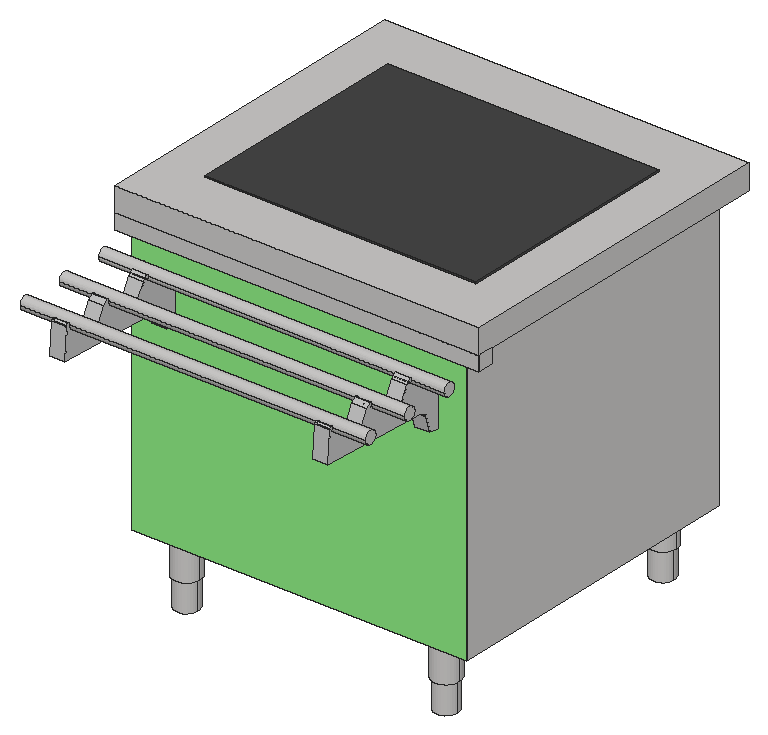
Revit family "QF_BOURGEAT_Self_meuble_dessus_verre_trempe", category Equipement spécialisé, Revit 2015
Parameters (values of type "GN2_baie_libre")
  URL catalogue = "http://www.bourgeat.fr/fr/"
  URL = ""
  Type de Raccord Electrique = ""
  Type article = ""
  Tension = 230 V
  Spécification du Fabricant = "Meuble dessus verre trempé OASIS"
  Roues = no
  Remarques Electricité = ""
  Puissance électrique  = 870 W
  Profondeur hors tout = 820 mm
  Poids net à vide = 130.00 kg
  Pieds = yes
  lgmeuble = Longueur hors tout - 68 mm  # 816 mm
  lgconsole = Longueur hors tout - 44 mm  # 840 mm
  lg_presentoir = lgmeuble - 44 mm  # 772 mm
  lg_porte = (lg_etagere / 2) + 10 mm  # 216 mm
  lg_etagere = lgmeuble - 404 mm  # 412 mm
  Presentoir = no
  Phase = 2
  Nature isolant = "Laine de verre"
  Modèle = "851022"
  Longueur hors tout = 884 mm
  Intensité nominale = 3.78261 A
  Indice de protection = "21"
  Hauteur hors tout = 900 mm
  Fréquence = 50 Hz
  Fabricant = "BOURGEAT"
  Etageres = no
  Contact SAV = "0033 (0)4.76.32.14.44"
  Charge max = 200.00 kg
  Certification = "NF alimentaire"
Types (55, lengths in mm): name | Roues | Puissance électrique  | Poids net à vide | Pieds | lgmeuble | lgconsole | lg_presentoir | lg_porte | lg_etagere | Presentoir | Modèle | Longueur hors tout | Intensité nominale | Hauteur hors tout | Etageres
  GN6_baie_libre | no | 2610 W | 210.00 kg | yes | 2116 | 2140 | 2072 | 866 | 1712 | no | "851026" | 2184 | 11.3478 A | 900 | no
  GN6_baie_libre+presentoir_neutre | no | 2610 W | 240.00 kg | yes | 2116 | 2140 | 2072 | 866 | 1712 | yes | "851026+851316" | 2184 | 11.3478 A | 1330 | no
  GN6_baie_libre+presentoir_chauffant | no | 3570 W | 240.00 kg | yes | 2116 | 2140 | 2072 | 866 | 1712 | yes | "851026+851306" | 2184 | 15.5217 A | 1330 | no
  GN6_baie_libre+roues | yes | 2610 W | 210.00 kg | no | 2116 | 2140 | 2072 | 866 | 1712 | no | "851026+854950" | 2184 | 11.3478 A | 900 | no
  GN6_baie_libre+etageres | no | 2610 W | 210.00 kg | yes | 2116 | 2140 | 2072 | 866 | 1712 | no | "851026+854906" | 2184 | 11.3478 A | 900 | yes
  GN6_baie_libre+presentoir_neutre+roues | yes | 2610 W | 240.00 kg | no | 2116 | 2140 | 2072 | 866 | 1712 | yes | "851026+851316+854950" | 2184 | 11.3478 A | 1330 | no
  GN6_baie_libre+presentoir_neutre+etageres | no | 2610 W | 240.00 kg | yes | 2116 | 2140 | 2072 | 866 | 1712 | yes | "851026+851316+854946" | 2184 | 11.3478 A | 1330 | yes
  GN6_baie_libre+presentoir_chauffant+etageres | no | 3570 W | 240.00 kg | yes | 2116 | 2140 | 2072 | 866 | 1712 | yes | "851026+851306+854946" | 2184 | 15.5217 A | 1330 | yes
  GN6_baie_libre+presentoir_chauffant+roues | yes | 3570 W | 240.00 kg | no | 2116 | 2140 | 2072 | 866 | 1712 | yes | "851026+851306+854950" | 2184 | 15.5217 A | 1330 | yes
  GN6_baie_libre+presentoir_chauffant+roues+etageres | yes | 3570 W | 240.00 kg | no | 2116 | 2140 | 2072 | 866 | 1712 | yes | "851026+851306+854950+854946" | 2184 | 15.5217 A | 1330 | yes
  GN6_baie_libre+presentoir_neutre+roues+etageres | yes | 2610 W | 240.00 kg | no | 2116 | 2140 | 2072 | 866 | 1712 | yes | "851026+851316+854950+854946" | 2184 | 11.3478 A | 1330 | yes
  GN5_baie_libre | no | 2175 W | 190.00 kg | yes | 1791 | 1815 | 1747 | 703.5 | 1387 | no | "851025" | 1859 | 9.45652 A | 900 | no
  GN5_baie_libre+roues | yes | 2175 W | 190.00 kg | no | 1791 | 1815 | 1747 | 703.5 | 1387 | no | "851025+854950" | 1859 | 9.45652 A | 900 | no
  GN5_baie_libre+etageres | no | 2175 W | 190.00 kg | yes | 1791 | 1815 | 1747 | 703.5 | 1387 | no | "851025+854946" | 1859 | 9.45652 A | 900 | yes
  GN5_baie_libre+presentoir_neutre | no | 2175 W | 215.00 kg | yes | 1791 | 1815 | 1747 | 703.5 | 1387 | yes | "851025+851315" | 1859 | 9.45652 A | 1330 | no
  GN5_baie_libre+presentoir_chauffant | no | 2975 W | 215.00 kg | yes | 1791 | 1815 | 1747 | 703.5 | 1387 | yes | "851025+851305" | 1859 | 12.9348 A | 1330 | no
  GN5_baie_libre+presentoir_neutre+roues | yes | 2175 W | 215.00 kg | no | 1791 | 1815 | 1747 | 703.5 | 1387 | yes | "851025+851315+854950" | 1859 | 9.45652 A | 1330 | no
  GN5_baie_libre+presentoir_neutre+etageres | yes | 2175 W | 215.00 kg | no | 1791 | 1815 | 1747 | 703.5 | 1387 | yes | "851025+851315+854945" | 1859 | 9.45652 A | 1330 | no
  GN5_baie_libre+presentoir_chauffant+roues | yes | 2975 W | 215.00 kg | no | 1791 | 1815 | 1747 | 703.5 | 1387 | yes | "851025+851305+854950" | 1859 | 12.9348 A | 1330 | no
  GN5_baie_libre+presentoir_chauffant+etageres | no | 2975 W | 215.00 kg | yes | 1791 | 1815 | 1747 | 703.5 | 1387 | yes | "851025+851305+854945" | 1859 | 12.9348 A | 1330 | yes
  GN5_baie_libre+presentoir_chauffant+roues+etageres | yes | 2975 W | 215.00 kg | no | 1791 | 1815 | 1747 | 703.5 | 1387 | yes | "851025+851305+854950+854945" | 1859 | 12.9348 A | 1330 | no
  GN5_baie_libre+presentoir_neutre+roues+etageres | yes | 2175 W | 215.00 kg | no | 1791 | 1815 | 1747 | 703.5 | 1387 | yes | "851025+851315+854950+854946" | 1859 | 9.45652 A | 1330 | no
  GN3_baie_libre | no | 1305 W | 150.00 kg | yes | 1141 | 1165 | 1097 | 378.5 | 737 | no | "851023" | 1209 | 5.67391 A | 900 | no
  GN4_baie_libre+presentoir_neutre | no | 1740 W | 190.00 kg | yes | 1466 | 1490 | 1422 | 541 | 1062 | yes | "851024+851314" | 1534 | 7.56522 A | 1330 | no
  GN4_baie_libre+presentoir_chauffant | no | 2380 W | 190.00 kg | yes | 1466 | 1490 | 1422 | 541 | 1062 | yes | "851024+851304" | 1534 | 10.3478 A | 1330 | no
  GN4_baie_libre+roues | yes | 1740 W | 170.00 kg | no | 1466 | 1490 | 1422 | 541 | 1062 | no | "851024+854950" | 1534 | 7.56522 A | 900 | no
  GN4_baie_libre+etageres | no | 1740 W | 170.00 kg | yes | 1466 | 1490 | 1422 | 541 | 1062 | no | "851024+854944" | 1534 | 7.56522 A | 900 | yes
  GN4_baie_libre+presentoir_neutre+roues | yes | 1740 W | 190.00 kg | no | 1466 | 1490 | 1422 | 541 | 1062 | yes | "851024+851314+854950" | 1534 | 7.56522 A | 1330 | no
  GN4_baie_libre+presentoir_chauffant+roues | yes | 2380 W | 190.00 kg | no | 1466 | 1490 | 1422 | 541 | 1062 | yes | "851024+851304+854950" | 1534 | 10.3478 A | 1330 | no
  GN4_baie_libre+presentoir_neutre+etegeres | yes | 1740 W | 190.00 kg | no | 1466 | 1490 | 1422 | 541 | 1062 | yes | "851024+851314+854944" | 1534 | 7.56522 A | 1330 | yes
  GN4_baie_libre+presentoir_chauffant+etageres | no | 2380 W | 190.00 kg | yes | 1466 | 1490 | 1422 | 541 | 1062 | yes | "851024+851304+854944" | 1534 | 10.3478 A | 1330 | yes
  GN4_baie_libre+presentoir_chauffant+etageres+roues | yes | 2390 W | 190.00 kg | no | 1466 | 1490 | 1422 | 541 | 1062 | yes | "851024+851304+854944+854950" | 1534 | 10.3478 A | 1330 | yes
  GN4_baie_libre+presentoir_neutre+etageres+roues | yes | 1740 W | 190.00 kg | no | 1466 | 1490 | 1422 | 541 | 1062 | yes | "851024+851314+854944+854950" | 1534 | 7.56522 A | 1330 | yes
  GN3_baie_libre+roues | yes | 1305 W | 150.00 kg | no | 1141 | 1165 | 1097 | 378.5 | 737 | no | "851023+854950" | 1209 | 5.67391 A | 900 | no
  GN3_baie_libre+etageres | yes | 1305 W | 150.00 kg | no | 1141 | 1165 | 1097 | 378.5 | 737 | no | "851023+854943" | 1209 | 5.67391 A | 900 | yes
  GN3_baie_libre+presentoir_neutre | no | 1305 W | 165.00 kg | yes | 1141 | 1165 | 1097 | 378.5 | 737 | yes | "851023+851313" | 1209 | 5.67391 A | 1330 | no
  GN3_baie_libre+presentoir_chauffant | no | 1785 W | 165.00 kg | yes | 1141 | 1165 | 1097 | 378.5 | 737 | yes | "851023+851303" | 1209 | 7.76087 A | 1330 | no
  GN3_baie_libre+presentoir_chauffant+roues | yes | 1785 W | 165.00 kg | no | 1141 | 1165 | 1097 | 378.5 | 737 | yes | "851023+851303+854950" | 1209 | 7.76087 A | 1330 | no
  GN3_baie_libre+presentoir_chauffant+etageres | no | 1305 W | 165.00 kg | yes | 1141 | 1165 | 1097 | 378.5 | 737 | yes | "851023+851303+854943" | 1209 | 7.76087 A | 1330 | yes
  GN3_baie_libre+presentoir_neutre+roues | yes | 1305 W | 165.00 kg | no | 1141 | 1165 | 1097 | 378.5 | 737 | yes | "851023+851313+854950" | 1209 | 5.67391 A | 1330 | no
  GN3_baie_libre+presentoir_neutre+etageres | no | 1305 W | 165.00 kg | yes | 1141 | 1165 | 1097 | 378.5 | 737 | yes | "851023+851313+854943" | 1209 | 5.67391 A | 1330 | yes
  GN3_baie_libre+presentoir_neutre+roues+etageres | yes | 1305 W | 165.00 kg | no | 1141 | 1165 | 1097 | 378.5 | 737 | yes | "851023+851313+854950+854943" | 1209 | 5.67391 A | 1330 | yes
  GN3_baie_libre+presentoir_chauffant+roues+etageres | yes | 1785 W | 165.00 kg | no | 1141 | 1165 | 1097 | 378.5 | 737 | yes | "851023+851303+854950+854943" | 1209 | 7.76087 A | 1330 | yes
  GN2_baie_libre | no | 870 W | 130.00 kg | yes | 816 | 840 | 772 | 216 | 412 | no | "851022" | 884 | 3.78261 A | 900 | no
  GN2_baie_libre+roues | yes | 870 W | 130.00 kg | no | 816 | 840 | 772 | 216 | 412 | no | "851022+854950" | 884 | 3.78261 A | 900 | no
  GN2_baie_libre+etageres | no | 870 W | 130.00 kg | yes | 816 | 840 | 772 | 216 | 412 | no | "851022+854942" | 884 | 3.78261 A | 900 | yes
  GN2_baie_libre+presentoir_chauffant | no | 1190 W | 140.00 kg | yes | 816 | 840 | 772 | 216 | 412 | no | "851022+851302" | 884 | 5.17391 A | 1330 | yes
  GN2_baie_libre+presentoir_chauffant+roues | yes | 1190 W | 140.00 kg | no | 816 | 840 | 772 | 216 | 412 | yes | "851022+851302+854950" | 884 | 5.17391 A | 1330 | no
  GN2_baie_libre+presentoir_chauffant+etageres | no | 1190 W | 140.00 kg | yes | 816 | 840 | 772 | 216 | 412 | yes | "851022+851302+854942" | 884 | 5.17391 A | 1330 | yes
  GN2_baie_libre+presentoir_chauffant+roues+etageres | yes | 1190 W | 140.00 kg | no | 816 | 840 | 772 | 216 | 412 | yes | "851022+851302+854950+854942" | 884 | 5.17391 A | 1330 | no
  GN2_baie_libre+roues+etageres | yes | 870 W | 130.00 kg | no | 816 | 840 | 772 | 216 | 412 | no | "851022+854950+854942" | 884 | 3.78261 A | 900 | yes
  GN3_baie_libre+roues+etageres | yes | 1305 W | 150.00 kg | no | 1141 | 1165 | 1097 | 378.5 | 737 | no | "851023+854950+854943" | 1209 | 5.67391 A | 900 | no
  GN4_baie_libre | no | 1740 W | 170.00 kg | yes | 1466 | 1490 | 1422 | 541 | 1062 | no | "851024" | 1534 | 7.56522 A | 900 | no
  GN5_baie_libre+roues+etageres | yes | 2175 W | 190.00 kg | no | 1791 | 1815 | 1747 | 703.5 | 1387 | no | "851025+854950+854945" | 1859 | 9.45652 A | 900 | yes
  GN6_baie_libre+roues+etageres | yes | 2610 W | 210.00 kg | no | 2116 | 2140 | 2072 | 866 | 1712 | no | "851026+854950+854946" | 2184 | 11.3478 A | 900 | yes
Reference planes
  plane 1 "Centre (avant/arrière)": y = 0
  plane 2: z = 0
  plane 3 "Centre (gauche/droite)": x = 0
  plane 4: z = 640
  plane 5: z = 235
  plane 6: z = 465
  plane 7: y = 555
Forms (mm)
  Extrusion 1, solid
    sketch origin (0, 0, 0) x (1, 0, 0) y (0, 1, 0)
      loop
        circle (-764, 555) r 10
    from 141.79 to 160
Dimensions and locks
  locked: plane 5 to plane 2 at 235
  locked: plane 6 to plane 2 at 465
  nested 7 to plane 2 = 286 mm
  aligned and locked: level to plane 2
  aligned and locked: plane 3 "Centre (gauche/droite)" to nested 1  (x2)
  aligned and locked: nested 1 to plane 2
  aligned and locked: nested 2 to nested 1  (x2)
  aligned and locked: plane 4 to nested 2
  aligned and locked: nested 3 to nested 1  (x3)
  aligned and locked: nested 4 to nested 3  (x2)
  aligned and locked: nested 5 to nested 3
  aligned and locked: nested 4 to nested 1
  aligned and locked: nested 4 to plane 6
  aligned and locked: nested 5 to plane 5
  aligned and locked: nested 5 to nested 1
  aligned and locked: plane 1 "Centre (avant/arrière)" to nested 1
  aligned and locked: nested 3 to nested 6  (x2)
  aligned and locked: nested 6 to nested 3
  aligned and locked: nested 7 to nested 1  (x2)
  aligned and locked: Extrusion 1 sketch curve to plane 7
  aligned and locked: nested 1 to Extrusion 1 sketch curve
  aligned and locked: Extrusion 1 to nested 1
Nested families
  nested 1: "corps_meuble" at (0, 0, 160), type "corps_meuble"
    with roues no, pieds yes, lg_meuble 814 mm, lg_ht 884 mm
  nested 2: "barre_et_console" at (-407, 0, 465) x (-1, 0, 0) z (0, 0, 1), type "barre_et_console"
    with lg_ht 884 mm, lg_barre_console 840 mm
  nested 3: "cuve" at (-407, 402, 808), type "cuve_air"
    with lg_cuve 884 mm, lg_bloc_ventillation 630 mm
  nested 4: "etagere" at (-407, 80, 427) x (-1, 0, 0) z (0, 0, 1), visible <- "Etageres", type "etagere"
    with lg_etagere 412 mm
  nested 5: "etagere" at (-407, 80, 197) x (-1, 0, 0) z (0, 0, 1), visible <- "Etageres", type "etagere"
    with lg_etagere 412 mm
  nested 6: "presentoir" at (-407, 402, 551.997) x (0, 1, 0) z (0, 0, 1), visible <- "Presentoir", type "presentoir"
    with lg_presentoir 772 mm
  nested 7: "IHM" at (-2301.78, 521.137, -321.91) x (-1, 0, 0) z (0, 0, 1), type "IHM"
Connectors
  electrical at (-764, 555, 141.79), driven by "Tension"
    settings: on Extrusion 1, index 1, voltage 230 V, apparent load 0 VA, apparent load phase1 2610 VA, apparent load phase2 0 VA, apparent load phase3 0 VA, power factor 1, load classification "Autre", number of poles 1, system type 30, power factor state 1, is connector primary yes, connector utility no, sub classification motor no, connector description ""
Definition of nested family "corps_meuble"
  Parameters (values of type "corps_meuble")
    roues = yes
    pieds = no
    lg_meuble = lg_ht - 70 mm  # 2114 mm
    lg_ht = 2184 mm
  Reference planes
    plane 1 "Centre (avant/arrière)": y = 0
    plane 2: z = 0
    plane 3 "Centre (gauche/droite)": x = 0
    plane 4: x = -480.227
    plane 5: z = 680
    plane 6: x = -1057
    plane 7: x = -379.227
    plane 8: x = -2114
    plane 9: x = -2064
    plane 10: x = -202
    plane 11: x = -50
    plane 12: x = -1912
    plane 13: x = -2024
    plane 14: x = -90
    plane 15: z = 519
    plane 16: x = -2021
    plane 17: x = -93
    plane 18: y = 53
    plane 19: y = 712
    plane 20: y = 402
    plane 21: y = -1
  Forms (mm)
    Extrusion 1, solid
      sketch origin (-379.227, -50.814, 0) x (1, 0, 0) y (0, 1, 0)
        loop
          line (-1734.773, 815.814) -> (-1734.773, 50.814) -> (379.227, 50.814) -> (379.227, 815.814) -> (177.227, 815.814) -> (177.227, 130.814) -> (-1532.773, 130.814) -> (-1532.773, 815.814) -> (-1734.773, 815.814)
      from 0 to 680
    Extrusion 2, void
      sketch origin (-379.227, 0, 0) x (1, 0, 0) y (0, 1, 0)
        loop
          line (-1684.773, 699.99) -> (-1684.773, 119.99) -> (329.227, 119.99) -> (329.227, 699.99) -> (-1684.773, 699.99)
      from 541.178 to 680
    Extrusion 3, solid
      sketch origin (0, 0, 0) x (1, 0, 0) y (0, 0, 1)
        loop
          line (-2114, 680) -> (-2114, 0) -> (0, 0) -> (0, 680) -> (-2114, 680)
      from 0 to 1
  Cuts and joins
    Extrusion 2 cuts Extrusion 1
  Dimensions and locks
    locked: plane 5 to plane 2 at 680
    locked: plane 8 to plane 9 at 50
    locked: plane 10 to plane 3 "Centre (gauche/droite)" at 202
    locked: plane 11 to plane 3 "Centre (gauche/droite)" at 50
    equal spacing: plane 8, plane 6, plane 3 "Centre (gauche/droite)"
    "lg_meuble": plane 8 to plane 3 "Centre (gauche/droite)"
    locked: plane 8 to plane 12 at 202
    locked: plane 8 to plane 13 at 90
    locked: plane 14 to plane 3 "Centre (gauche/droite)" at 90
    locked: plane 15 to plane 2 at 519
    locked: plane 8 to plane 16 at 93
    locked: plane 17 to plane 3 "Centre (gauche/droite)" at 93
    locked: cut or joined group of Extrusion 1, Extrusion 2 to plane 20 at 363
    aligned and locked: level to plane 2
    aligned and locked: plane 5 to Extrusion 1
    aligned and locked: cut or joined group of Extrusion 1, Extrusion 2 to plane 8
    aligned and locked: Extrusion 2 to plane 9
    aligned and locked: Extrusion 1 to plane 10
    aligned and locked: plane 11 to cut or joined group of Extrusion 1, Extrusion 2
    aligned and locked: plane 12 to cut or joined group of Extrusion 1, Extrusion 2
    aligned and locked: nested 1 to plane 13
    aligned and locked: plane 14 to nested 2
    aligned and locked: nested 2 to cut or joined group of Extrusion 1, Extrusion 2
    aligned and locked: nested 1 to cut or joined group of Extrusion 1, Extrusion 2
    aligned and locked: nested 1 to plane 15
    aligned and locked: nested 2 to plane 15
    aligned and locked: plane 13 to nested 3
    aligned and locked: plane 19 to nested 3
    aligned and locked: nested 4 to plane 18
    aligned and locked: plane 13 to nested 4
    aligned and locked: nested 5 to plane 18
    aligned and locked: plane 17 to nested 5
    aligned and locked: plane 19 to nested 6
    aligned and locked: plane 17 to nested 6
    aligned and locked: plane 17 to nested 9
    aligned and locked: plane 19 to nested 9
    aligned and locked: nested 10 to plane 18
    aligned and locked: plane 17 to nested 10
    aligned and locked: nested 8 to plane 18
    aligned and locked: plane 13 to nested 8
    aligned and locked: plane 13 to nested 7
    aligned and locked: plane 19 to nested 7
    aligned and locked: nested 4 to plane 2
    aligned and locked: nested 3 to plane 2
    aligned and locked: nested 7 to plane 2
    aligned and locked: nested 10 to plane 2
    aligned and locked: nested 9 to plane 2
    aligned and locked: nested 5 to plane 2
    aligned and locked: nested 6 to plane 2
    aligned and locked: Extrusion 3 sketch curve to cut or joined group of Extrusion 1, Extrusion 2  (x4)
    aligned and locked: Extrusion 3 to plane 21
  Automatic sketch dimensions
    Extrusion 1 sketch curve to plane 8 = 0 mm
    Extrusion 1 sketch curve to plane 10 = 0 mm
    plane 1 "Centre (avant/arrière)" to Extrusion 1 sketch curve = 0 mm
    Extrusion 1 sketch curve to plane 3 "Centre (gauche/droite)" = 0 mm
    Extrusion 1 sketch curve to plane 1 "Centre (avant/arrière)" = 80 mm
    Extrusion 1 sketch curve to plane 6 = 855 mm
    Extrusion 1 sketch curve to Extrusion 1 sketch curve = 685 mm
    Extrusion 1 sketch curve to Extrusion 1 sketch curve = 765 mm
    Extrusion 2 sketch curve to plane 9 = 0 mm
    Extrusion 2 sketch curve to plane 11 = 0 mm
    Extrusion 2 sketch curve to plane 1 "Centre (avant/arrière)" = 119.99 mm
    Extrusion 2 sketch curve to Extrusion 2 sketch curve = 580 mm
  Nested families
    nested 1: "Prise" at (-1981, 790, 562), type "Prise"
    nested 2: "Prise" at (-133, 790, 562), type "Prise"
    nested 3: "pied" at (-2024, 712, -160), visible <- "pieds", type "pied"
    nested 4: "pied" at (-2024, 53, -160), visible <- "pieds", type "pied"
    nested 5: "pied" at (-93, 53, -160), visible <- "pieds", type "pied"
    nested 6: "pied" at (-93, 712, -160), visible <- "pieds", type "pied"
    nested 7: "roue_ht160" at (-2024, 712, -160.21), visible <- "roues", type "roue_ht160"
      with Sans frein yes, Avec frein yes
    nested 8: "roue_ht160" at (-2024, 53, -160.21), visible <- "roues", type "roue_ht160"
      with Sans frein yes, Avec frein yes
    nested 9: "roue_ht160" at (-93, 712, -160.21), visible <- "roues", type "roue_ht160"
      with Sans frein yes, Avec frein yes
    nested 10: "roue_ht160" at (-93, 53, -160.21), visible <- "roues", type "roue_ht160"
      with Sans frein yes, Avec frein yes
  Definition of nested family "Prise"
    Reference planes
      plane 1 "Centre (avant/arrière)": y = 0
      plane 2: z = 0
      plane 3 "Centre (gauche/droite)": x = 0
      plane 4: x = 43
      plane 5: x = -43
      plane 6: z = 43
      plane 7: z = -43
      plane 8: y = -25
    Forms (mm)
      Extrusion 1, solid
        sketch origin (0, 0, 0) x (1, 0, 0) y (0, 0, 1)
          loop
            line (-43, 43) -> (-43, -43) -> (43, -43) -> (43, 43) -> (-43, 43)
        from 0 to 25
    Dimensions and locks
      locked: plane 8 to plane 1 "Centre (avant/arrière)" at 25
      aligned and locked: level to plane 2
      aligned and locked: Extrusion 1 sketch curve to plane 6
      aligned and locked: Extrusion 1 sketch curve to plane 5
      aligned and locked: Extrusion 1 sketch curve to plane 7
      aligned and locked: Extrusion 1 sketch curve to plane 4
      aligned and locked: Extrusion 1 to plane 8
  Definition of nested family "pied"
    Reference planes
      plane 1 "Centre (avant/arrière)": y = 0
      plane 2: z = 0
      plane 3 "Centre (gauche/droite)": x = 0
    Forms (mm)
      Revolve 1, solid
        sketch origin (0, 0, 0) x (1, 0, 0) y (0, 0, 1)
          loop
            line (0, 160) -> (-33, 160) -> (-33, 70) -> (-28, 70) -> (-28, 0) -> (0, 0) -> (0, 160)
          axis (0, 160) -> (0, 0)
        angle from 0 to 360
    Dimensions and locks
      plane 3 "Centre (gauche/droite)" to Revolve 1 sketch curve = 28 mm
      Revolve 1 sketch curve to plane 3 "Centre (gauche/droite)" = 33 mm
      Revolve 1 sketch curve to plane 2 = 70 mm
      Revolve 1 sketch curve to Revolve 1 sketch curve = 90 mm
      aligned and locked: level to plane 2
  Definition of nested family "roue_ht160"
    Parameters (values of type "roue_ht160")
      Sans frein [instance] = yes
      Avec frein [instance] = yes
    Reference planes
      plane 1 "Centre (avant/arrière)": y = 0
      plane 2: z = 0
      plane 3 "Centre (gauche/droite)": x = 0
      plane 4: y = 40.851
      plane 5: z = 62.5
    Forms (mm)
      Extrusion 1, solid
        sketch origin (0, 0, 0) x (0, 1, 0) y (0, 0, 1)
          loop
            circle (40.851, 62.5) r 62.5
          loop
            circle (40.851, 62.5) r 57.5
        from -12.5 to 12.5
      Revolve 2, solid
        sketch origin (0, 0, 0) x (0, 1, 0) y (0, 0, 1)
          loop
            line (0, 160.21) -> (-20.149, 160.21) -> (-20.149, 159.41) -> (-21.6, 159.41)
            arc (-21.6, 159.41) -> (-24.448, 158.65) -> (-26.537, 156.572) r 5.712
            line (-26.537, 156.572) -> (-30.146, 147.743) -> (-26.999, 147.062) -> (-26.999, 146.112)
            arc (-26.999, 146.112) -> (-27.23, 145.314) -> (-27.849, 144.761) r 1.5
            arc (-27.849, 144.761) -> (-29.223, 143.633) -> (-29.923, 142) r 3.75
            line (-29.923, 142) -> (0, 142) -> (0, 160.21)
          axis (0, 160.21) -> (0, 142)
        angle from 0 to 360
      Extrusion 3, solid
        sketch origin (0, 0, 0) x (0, 1, 0) y (0, 0, -1)
          loop
            line (-29.974, -138.241) -> (-29.974, -142) -> (21.747, -142) -> (21.747, -60.336)
            arc (21.747, -60.336) -> (10.272, -70.702) -> (-0.149, -82.127) r 160.057
            arc (-0.149, -82.127) -> (-17.883, -108.684) -> (-29.974, -138.241) r 159.585
        from -24.913 to -23.038
      Extrusion 4, solid
        sketch origin (0, 0, 0) x (0, 1, 0) y (0, 0, 1)
          loop
            line (-29.974, 142) -> (-29.974, 140.869) -> (21.747, 140.869) -> (21.747, 142) -> (-29.974, 142)
        from -23.038 to 23.038
      Extrusion 5, solid
        sketch origin (0, 0, 0) x (0, 1, 0) y (0, 0, 1)
          loop
            circle (40.851, 62.5) r 57.5
          loop
            circle (40.851, 62.5) r 55
        from -12.5 to 12.5
      Extrusion 6, solid
        sketch origin (0, 0, 0) x (0, 1, 0) y (0, 0, 1)
          loop
            circle (40.851, 62.5) r 55
        from -7 to 7
      Extrusion 7, solid
        sketch origin (0, 0, 0) x (0, 1, 0) y (0, 0, 1)
          loop
            circle (40.851, 62.5) r 21
        from 7 to 15
      Extrusion 8, solid
        sketch origin (0, 0, 0) x (0, 1, 0) y (0, 0, -1)
          loop
            circle (40.851, -62.5) r 16
        from -23.038 to -15
      Extrusion 9, solid, visible <- "Sans frein"
        sketch origin (0, 0, 0) x (0, 1, 0) y (0, 0, 1)
          loop
            arc (21.747, 60.336) -> (23.188, 59.17) -> (24.642, 58.02) r 161.23
            arc (24.642, 58.02) -> (29.34, 54.513) -> (34.187, 51.216) r 133.333
            arc (34.187, 51.216) -> (46.517, 50.3) -> (53.927, 60.198) r 12.867
            arc (53.927, 60.198) -> (54.714, 99.183) -> (46.119, 137.216) r 161.222
            arc (46.119, 137.216) -> (45.679, 138.887) -> (45.531, 140.609) r 10.076
            line (45.531, 140.609) -> (45.531, 142) -> (21.747, 142) -> (21.747, 60.336)
        from 23.038 to 24.913
      Extrusion 10, solid, visible <- "Sans frein"
        sketch origin (0, 0, 0) x (0, 1, 0) y (0, 0, 1)
          loop
            line (21.747, 142) -> (21.747, 140.701) -> (48.851, 140.701) -> (48.851, 142) -> (21.747, 142)
        from -23.038 to 23.038
      Extrusion 11, solid, visible <- "Avec frein"
        sketch origin (0, 0, 0) x (0, 1, 0) y (0, 0, 1)
          loop
            line (21.747, 142) -> (21.747, 60.336)
            arc (21.747, 60.336) -> (23.177, 59.179) -> (24.62, 58.038) r 160.008
            arc (24.62, 58.038) -> (29.041, 54.705) -> (33.574, 51.527) r 160
            arc (33.574, 51.527) -> (46.135, 50.422) -> (53.724, 60.491) r 13
            arc (53.724, 60.491) -> (55.279, 82.092) -> (53.902, 103.704) r 160
            arc (53.902, 103.704) -> (55.53, 108.653) -> (60.415, 110.463) r 6
            arc (60.415, 110.463) -> (80.625, 109.924) -> (100.725, 112.107) r 150
            arc (100.725, 112.107) -> (104.408, 113.406) -> (107.479, 115.819) r 12
            line (107.479, 115.819) -> (110.851, 121.523)
            arc (110.851, 121.523) -> (85.913, 134.651) -> (58.706, 142) r 127.902
            line (58.706, 142) -> (21.747, 142)
        from 23.038 to 24.913
      Extrusion 12, solid, visible <- "Avec frein"
        sketch origin (0, 0, 0) x (0, 1, 0) y (0, 0, 1)
          loop
            line (58.706, 142) -> (21.747, 142) -> (21.747, 140) -> (58.552, 140)
            arc (58.552, 140) -> (85.253, 132.762) -> (109.73, 119.866) r 125.902
            line (109.73, 119.866) -> (110.851, 121.523)
            arc (110.851, 121.523) -> (85.913, 134.651) -> (58.706, 142) r 127.902
        from -23.038 to 23.038
      Extrusion 13, solid, visible <- "Avec frein"
        sketch origin (0, 19.896, 18.175) x (0, 1, 0) y (0, 0, 1)
          loop
            line (87.583, 97.644) -> (91.829, 95.227)
            arc (91.829, 95.227) -> (93.8, 95.006) -> (95.312, 96.29) r 2.5
            arc (95.312, 96.29) -> (103.495, 100.002) -> (111.176, 104.666) r 74.999
            line (111.176, 104.666) -> (110.852, 105.929)
            arc (110.852, 105.929) -> (110.04, 107.086) -> (108.666, 107.417) r 2
            arc (108.666, 107.417) -> (101.396, 105.849) -> (94.512, 103.034) r 42.354
            line (94.512, 103.034) -> (93.479, 101.228) -> (93.285, 100.414) -> (91.69, 101.675) -> (90.401, 102.412) -> (87.583, 97.644)
        from -23.038 to 23.038
      Extrusion 14, solid, not visible
        sketch origin (0, 0, 0) x (0, 1, 0) y (0, 0, -1)
          loop
            line (-29.974, -138.241) -> (-29.974, -142) -> (21.747, -142) -> (21.747, -60.336)
            arc (21.747, -60.336) -> (10.272, -70.702) -> (-0.149, -82.127) r 160.057
            arc (-0.149, -82.127) -> (-17.883, -108.684) -> (-29.974, -138.241) r 159.585
        from -24.913 to -23.038
      Extrusion 15, solid, not visible
        sketch origin (0, 0, 0) x (0, 1, 0) y (0, 0, 1)
          loop
            circle (40.851, 62.5) r 21
        from 7 to 15
      Extrusion 16, solid, not visible
        sketch origin (0, 0, 0) x (0, 1, 0) y (0, 0, -1)
          loop
            circle (40.851, -62.5) r 16
        from -23.038 to -15
      Extrusion 17, solid, visible <- "Sans frein", not visible
        sketch origin (0, 0, 0) x (0, 1, 0) y (0, 0, 1)
          loop
            arc (21.747, 60.336) -> (23.188, 59.17) -> (24.642, 58.02) r 161.23
            arc (24.642, 58.02) -> (29.34, 54.513) -> (34.187, 51.216) r 133.333
            arc (34.187, 51.216) -> (46.517, 50.3) -> (53.927, 60.198) r 12.867
            arc (53.927, 60.198) -> (54.714, 99.183) -> (46.119, 137.216) r 161.222
            arc (46.119, 137.216) -> (45.679, 138.887) -> (45.531, 140.609) r 10.076
            line (45.531, 140.609) -> (45.531, 142) -> (21.747, 142) -> (21.747, 60.336)
        from 23.038 to 24.913
      Extrusion 18, solid, visible <- "Avec frein", not visible
        sketch origin (0, 0, 0) x (0, 1, 0) y (0, 0, 1)
          loop
            line (21.747, 142) -> (21.747, 60.336)
            arc (21.747, 60.336) -> (23.177, 59.179) -> (24.62, 58.038) r 160.008
            arc (24.62, 58.038) -> (29.041, 54.705) -> (33.574, 51.527) r 160
            arc (33.574, 51.527) -> (46.135, 50.422) -> (53.724, 60.491) r 13
            arc (53.724, 60.491) -> (55.279, 82.092) -> (53.902, 103.704) r 160
            arc (53.902, 103.704) -> (55.53, 108.653) -> (60.415, 110.463) r 6
            arc (60.415, 110.463) -> (80.625, 109.924) -> (100.725, 112.107) r 150
            arc (100.725, 112.107) -> (104.408, 113.406) -> (107.479, 115.819) r 12
            line (107.479, 115.819) -> (110.851, 121.523)
            arc (110.851, 121.523) -> (85.913, 134.651) -> (58.706, 142) r 127.902
            line (58.706, 142) -> (21.747, 142)
        from 23.038 to 24.913
      Extrusion 19, solid
        sketch origin (0, 0, 0) x (0, -1, 0) y (0, 0, -1)
          loop
            arc (29.974, -138.241) -> (17.883, -108.684) -> (0.149, -82.127) r 159.585
            arc (0.149, -82.127) -> (-10.272, -70.702) -> (-21.747, -60.336) r 160.057
            line (-21.747, -60.336) -> (-21.747, -142) -> (29.974, -142) -> (29.974, -138.241)
        from -24.913 to -23.038
      Extrusion 20, solid
        sketch origin (0, 0, 0) x (0, -1, 0) y (0, 0, 1)
          loop
            circle (-40.851, 62.5) r 21
        from 7 to 15
      Extrusion 21, solid
        sketch origin (0, 0, 0) x (0, -1, 0) y (0, 0, -1)
          loop
            circle (-40.851, -62.5) r 16
        from -23.038 to -15
      Extrusion 22, solid, visible <- "Sans frein"
        sketch origin (0, 0, 0) x (0, -1, 0) y (0, 0, 1)
          loop
            line (-21.747, 60.336) -> (-21.747, 142) -> (-45.531, 142) -> (-45.531, 140.609)
            arc (-45.531, 140.609) -> (-45.679, 138.887) -> (-46.119, 137.216) r 10.076
            arc (-46.119, 137.216) -> (-54.714, 99.183) -> (-53.927, 60.198) r 161.222
            arc (-53.927, 60.198) -> (-46.517, 50.3) -> (-34.187, 51.216) r 12.867
            arc (-34.187, 51.216) -> (-29.34, 54.513) -> (-24.642, 58.02) r 133.333
            arc (-24.642, 58.02) -> (-23.188, 59.17) -> (-21.747, 60.336) r 161.23
        from 23.038 to 24.913
      Extrusion 23, solid, visible <- "Avec frein"
        sketch origin (0, 0, 0) x (0, -1, 0) y (0, 0, 1)
          loop
            line (-21.747, 142) -> (-58.706, 142)
            arc (-58.706, 142) -> (-85.913, 134.651) -> (-110.851, 121.523) r 127.902
            line (-110.851, 121.523) -> (-107.479, 115.819)
            arc (-107.479, 115.819) -> (-104.408, 113.406) -> (-100.725, 112.107) r 12
            arc (-100.725, 112.107) -> (-80.625, 109.924) -> (-60.415, 110.463) r 150
            arc (-60.415, 110.463) -> (-55.53, 108.653) -> (-53.902, 103.704) r 6
            arc (-53.902, 103.704) -> (-55.279, 82.092) -> (-53.724, 60.491) r 160
            arc (-53.724, 60.491) -> (-46.135, 50.422) -> (-33.574, 51.527) r 13
            arc (-33.574, 51.527) -> (-29.041, 54.705) -> (-24.62, 58.038) r 160
            arc (-24.62, 58.038) -> (-23.177, 59.179) -> (-21.747, 60.336) r 160.008
            line (-21.747, 60.336) -> (-21.747, 142)
        from 23.038 to 24.913
    Dimensions and locks
      aligned and locked: level to plane 2
Definition of nested family "barre_et_console"
  Parameters (values of type "barre_et_console")
    lg_ht = 2184 mm
    lg_barre_console = lg_ht - 44 mm  # 2140 mm
  Reference planes
    plane 1 "Centre (avant/arrière)": y = 0
    plane 2: z = 0
    plane 3 "Centre (gauche/droite)": x = 0
    plane 4: x = -1070
    plane 5: x = 1070
    plane 6: x = -970
    plane 7: x = 970
    plane 8: z = 320.378
    plane 9: z = 175
  Dimensions and locks
    locked: plane 4 to plane 6 at 100
    locked: plane 7 to plane 5 at 100
    equal spacing: plane 4, plane 3 "Centre (gauche/droite)", plane 5
    "lg_barre_console": plane 4 to plane 5
    aligned and locked: level to plane 2
    aligned and locked: nested 1 to plane 1 "Centre (avant/arrière)"
    aligned and locked: plane 6 to nested 1
    aligned and locked: plane 7 to nested 2
    aligned and locked: plane 5 to nested 3
    aligned and locked: nested 3 to plane 4
    aligned and locked: plane 8 to nested 3
    aligned and locked: plane 9 to nested 1
  Nested families
    nested 1: "console" at (-970, 0, 0) x (0, 1, 0) z (0, 0, 1), type "console"
    nested 2: "console" at (970, 0, 0) x (0, 1, 0) z (0, 0, 1), type "console"
    nested 3: "barre" at (1070, 0, 19.415) x (0, 1, 0) z (0, 0, 1), type "barre"
  Definition of nested family "console"
    Reference planes
      plane 1 "Centre (avant/arrière)": y = 0
      plane 2: z = 0
      plane 3 "Centre (gauche/droite)": x = 0
      plane 4: y = 18
      plane 5: y = -18
      plane 6: y = 0
    Forms (mm)
      Extrusion 1, solid
        sketch origin (-12.245, 0, 175) x (1, 0, 0) y (0, 0, 1)
          loop
            line (12.245, 100) -> (12.245, 0) -> (39.579, 4.82) -> (50.894, 44.279)
            arc (50.894, 44.279) -> (55.986, 52.254) -> (64.592, 56.187) r 16.714
            line (64.592, 56.187) -> (348.499, 69.146) -> (343.309, 143.358)
            arc (343.309, 143.358) -> (342.973, 144.595) -> (342.189, 145.609) r 3.292
            line (342.189, 145.609) -> (337.923, 148.439)
            arc (337.923, 148.439) -> (337.371, 148.545) -> (336.906, 148.229) r 0.731
            arc (336.906, 148.229) -> (320.176, 130.386) -> (309.012, 152.149) r 14.958
            arc (309.012, 152.149) -> (308.597, 152.587) -> (308.001, 152.491) r 0.646
            line (308.001, 152.491) -> (297.265, 144.401) -> (278.874, 108.385)
            arc (278.874, 108.385) -> (262.102, 99.164) -> (245.329, 108.385) r 19.864
            line (245.329, 108.385) -> (229.634, 139.188) -> (217.945, 148.321)
            arc (217.945, 148.321) -> (217.306, 148.53) -> (216.976, 147.944) r 0.53
            arc (216.976, 147.944) -> (200.124, 130.629) -> (188.973, 152.064) r 14.905
            arc (188.973, 152.064) -> (188.691, 152.524) -> (188.154, 152.476) r 0.511
            line (188.154, 152.476) -> (177.098, 144.144) -> (158.855, 108.341)
            arc (158.855, 108.341) -> (142.039, 98.901) -> (125.223, 108.341) r 19.698
            line (125.223, 108.341) -> (109.334, 139.526) -> (97.932, 148.434)
            arc (97.932, 148.434) -> (97.187, 148.438) -> (96.994, 147.718) r 0.61
            arc (96.994, 147.718) -> (79.923, 130.663) -> (69.024, 152.192) r 14.902
            arc (69.024, 152.192) -> (68.66, 152.548) -> (68.158, 152.464) r 0.563
            line (68.158, 152.464) -> (57.103, 144.336) -> (39.164, 108.745)
            arc (39.164, 108.745) -> (33.443, 102.448) -> (25.295, 100) r 15.908
            line (25.295, 100) -> (12.245, 100)
        from -18 to 18
    Dimensions and locks
      plane 4 to plane 5 = 36 mm
      equal spacing: plane 4, plane 6, plane 5, locked at 18 each
      aligned and locked: level to plane 2
      aligned and locked: plane 4 to Extrusion 1
      aligned and locked: Extrusion 1 to plane 5
      aligned and locked: plane 6 to plane 1 "Centre (avant/arrière)"
      aligned and locked: Extrusion 1 to plane 3 "Centre (gauche/droite)"
    Automatic sketch dimensions
      Extrusion 1 sketch curve to Extrusion 1 sketch curve = 12.714 mm
      Extrusion 1 sketch curve to Extrusion 1 sketch curve = 13.05 mm
      Extrusion 1 sketch curve to Extrusion 1 sketch curve = 14.206 mm
      Extrusion 1 sketch curve to Extrusion 1 sketch curve = 27.334 mm
      Extrusion 1 sketch curve to Extrusion 1 sketch curve = 11.315 mm
      Extrusion 1 sketch curve to Extrusion 1 sketch curve = 17.938 mm
      Extrusion 1 sketch curve to Extrusion 1 sketch curve = 13.698 mm
      Extrusion 1 sketch curve to Extrusion 1 sketch curve = 16.057 mm
      Extrusion 1 sketch curve to Extrusion 1 sketch curve = 11.055 mm
      Extrusion 1 sketch curve to Extrusion 1 sketch curve = 0.333 mm
      Extrusion 1 sketch curve to Extrusion 1 sketch curve = 13.785 mm
      Extrusion 1 sketch curve to Extrusion 1 sketch curve = 15.28 mm
      Extrusion 1 sketch curve to Extrusion 1 sketch curve = 0.376 mm
      Extrusion 1 sketch curve to Extrusion 1 sketch curve = 11.401 mm
      Extrusion 1 sketch curve to Extrusion 1 sketch curve = 15.89 mm
      Extrusion 1 sketch curve to Extrusion 1 sketch curve = 16.816 mm  (x2)
      Extrusion 1 sketch curve to Extrusion 1 sketch curve = 18.243 mm
      Extrusion 1 sketch curve to Extrusion 1 sketch curve = 11.057 mm
      Extrusion 1 sketch curve to Extrusion 1 sketch curve = 0.308 mm
      Extrusion 1 sketch curve to Extrusion 1 sketch curve = 13.831 mm
      Extrusion 1 sketch curve to Extrusion 1 sketch curve = 15.204 mm
      Extrusion 1 sketch curve to Extrusion 1 sketch curve = 0.447 mm
      Extrusion 1 sketch curve to Extrusion 1 sketch curve = 11.69 mm
      Extrusion 1 sketch curve to Extrusion 1 sketch curve = 15.695 mm
      Extrusion 1 sketch curve to Extrusion 1 sketch curve = 16.772 mm  (x2)
      Extrusion 1 sketch curve to Extrusion 1 sketch curve = 18.391 mm
      Extrusion 1 sketch curve to Extrusion 1 sketch curve = 10.737 mm
      Extrusion 1 sketch curve to Extrusion 1 sketch curve = 0.389 mm
      Extrusion 1 sketch curve to Extrusion 1 sketch curve = 13.868 mm
      Extrusion 1 sketch curve to Extrusion 1 sketch curve = 15.261 mm
      Extrusion 1 sketch curve to Extrusion 1 sketch curve = 0.404 mm
      Extrusion 1 sketch curve to Extrusion 1 sketch curve = 2.506 mm
      Extrusion 1 sketch curve to Extrusion 1 sketch curve = 2.164 mm
      Extrusion 1 sketch curve to Extrusion 1 sketch curve = 1.12 mm
      Extrusion 1 sketch curve to Extrusion 1 sketch curve = 5.189 mm
      Extrusion 1 sketch curve to Extrusion 1 sketch curve = 4.639 mm
      Extrusion 1 sketch curve to Extrusion 1 sketch curve = 55.721 mm
      Extrusion 1 sketch curve to Extrusion 1 sketch curve = 8.745 mm
      Extrusion 1 sketch curve to Extrusion 1 sketch curve = 10.259 mm
      Extrusion 1 sketch curve to Extrusion 1 sketch curve = 10.642 mm
      Extrusion 1 sketch curve to Extrusion 1 sketch curve = 9.133 mm
      Extrusion 1 sketch curve to Extrusion 1 sketch curve = 31.185 mm
      Extrusion 1 sketch curve to Extrusion 1 sketch curve = 35.803 mm
      Extrusion 1 sketch curve to Extrusion 1 sketch curve = 35.592 mm
      Extrusion 1 sketch curve to Extrusion 1 sketch curve = 3.24 mm
      Extrusion 1 sketch curve to Extrusion 1 sketch curve = 2.946 mm
      Extrusion 1 sketch curve to Extrusion 1 sketch curve = 1.042 mm
      Extrusion 1 sketch curve to Extrusion 1 sketch curve = 0.609 mm
      Extrusion 1 sketch curve to Extrusion 1 sketch curve = 8.427 mm
      Extrusion 1 sketch curve to Extrusion 1 sketch curve = 0.286 mm
      Extrusion 1 sketch curve to Extrusion 1 sketch curve = 0.481 mm
      Extrusion 1 sketch curve to Extrusion 1 sketch curve = 0.516 mm
      Extrusion 1 sketch curve to Extrusion 1 sketch curve = 7.674 mm
      Extrusion 1 sketch curve to Extrusion 1 sketch curve = 7.924 mm
      Extrusion 1 sketch curve to Extrusion 1 sketch curve = 0.453 mm
      Extrusion 1 sketch curve to Extrusion 1 sketch curve = 0.408 mm
      Extrusion 1 sketch curve to Extrusion 1 sketch curve = 0.533 mm
      Extrusion 1 sketch curve to Extrusion 1 sketch curve = 0.511 mm
      Extrusion 1 sketch curve to Extrusion 1 sketch curve = 0.622 mm
      Extrusion 1 sketch curve to Extrusion 1 sketch curve = 4.82 mm
      Extrusion 1 sketch curve to Extrusion 1 sketch curve = 34.82 mm
      Extrusion 1 sketch curve to Extrusion 1 sketch curve = 76.232 mm
      Extrusion 1 sketch curve to Extrusion 1 sketch curve = 37.038 mm
      Extrusion 1 sketch curve to Extrusion 1 sketch curve = 39.239 mm
      Extrusion 1 sketch curve to Extrusion 1 sketch curve = 30.803 mm
      Extrusion 1 sketch curve to Extrusion 1 sketch curve = 34.743 mm
      Extrusion 1 sketch curve to Extrusion 1 sketch curve = 0.23 mm
      Extrusion 1 sketch curve to Extrusion 1 sketch curve = 36.015 mm
      Extrusion 1 sketch curve to Extrusion 1 sketch curve = 2.071 mm
      Extrusion 1 sketch curve to Extrusion 1 sketch curve = 7.575 mm
      Extrusion 1 sketch curve to plane 3 "Centre (gauche/droite)" = 0 mm
      level to Extrusion 1 sketch curve = 175 mm
  Definition of nested family "barre"
    Parameters (values of type "barre")
      lg_barre = 2140 mm
    Reference planes
      plane 1 "Centre (avant/arrière)": y = 0
      plane 2: z = 0
      plane 3 "Centre (gauche/droite)": x = 0
      plane 4: x = 70
      plane 5: x = 190
      plane 6: x = 309
      plane 7: z = 300.963
      plane 8: z = 94.658
      plane 9: y = 0
      plane 10: y = 2140
    Forms (mm)
      Extrusion 1, solid
        sketch origin (0, 0, 0) x (1, 0, 0) y (0, 0, 1)
          loop
            circle (70, 300.963) r 15
          loop
            circle (190, 300.963) r 15
          loop
            circle (309, 300.963) r 15
        from 0 to -2140
    Dimensions and locks
      plane 4 to plane 3 "Centre (gauche/droite)" = 70 mm
      plane 6 to plane 5 to plane 4 = 119 mm, 120 mm
      "lg_barre": plane 10 to plane 1 "Centre (avant/arrière)"
      aligned and locked: level to plane 2
      aligned and locked: Extrusion 1 to plane 9
      aligned and locked: plane 9 to plane 1 "Centre (avant/arrière)"
      aligned and locked: plane 10 to Extrusion 1
    Automatic sketch dimensions
      Extrusion 1 sketch curve to plane 4 = 0 mm
      Extrusion 1 sketch curve to plane 5 = 0 mm
      Extrusion 1 sketch curve to plane 6 = 0 mm
      Extrusion 1 sketch curve to plane 7 = 0 mm  (x3)
      radius of Extrusion 1 sketch curve = 15 mm  (x3)
Definition of nested family "cuve"
  Parameters (values of type "cuve_air")
    lg_cuve = 2184 mm
    lg_bloc_ventillation = lg_cuve - 254 mm  # 1930 mm
  Reference planes
    plane 1 "Centre (avant/arrière)": y = 0
    plane 2: z = 0
    plane 3 "Centre (gauche/droite)": x = 0
    plane 4: y = 410
    plane 5: y = -410
    plane 6: x = -1092
    plane 7: x = 1092
    plane 8: z = 92
    plane 9: y = 278
    plane 10: y = -278
    plane 11: x = 980
    plane 12: x = -980
    plane 13: z = 2
    plane 14: y = -280
    plane 15: x = -982
    plane 16: y = 280
    plane 17: x = 982
    plane 18: z = 32
    plane 19: y = -408
    plane 20: z = 82
    plane 21: z = -4
    plane 22: z = 95
  Forms (mm)
    Extrusion 1, solid
      sketch origin (12, -10, 0) x (1, 0, 0) y (0, 1, 0)
        loop
          line (-1104, 420) -> (-1104, -400) -> (1080, -400) -> (1080, 420) -> (-1104, 420)
      from 0 to 92
    Extrusion 2, void
      sketch origin (0, 0, 0) x (1, 0, 0) y (0, 1, 0)
        loop
          line (-982, 280) -> (-982, -280) -> (982, -280) -> (982, 280) -> (-982, 280)
        loop
          line (-1162, 480) -> (-1162, -480) -> (1162, -480) -> (1162, 480) -> (-1162, 480)
      from 0 to 32
    Extrusion 3, solid
      sketch origin (0, 0, 0) x (1, 0, 0) y (0, 1, 0)
        loop
          line (-1092, -408) -> (-1092, -410) -> (1092, -410) -> (1092, -408) -> (-1092, -408)
      from -4 to 32
    Extrusion 4, solid
      sketch origin (0, 0, 0) x (0, 1, 0) y (0, 0, 1)
        loop
          line (-408, -4) -> (-370, -4) -> (-370, 32) -> (-408, 32) -> (-408, -4)
      from -1092 to 1092
    Extrusion 5, solid
      sketch origin (0, 0, 0) x (1, 0, 0) y (0, 1, 0)
        loop
          line (-980, 278) -> (-980, -278) -> (980, -278) -> (980, 278) -> (-980, 278)
      from 92 to 95
  Cuts and joins
    Extrusion 2 cuts Extrusion 1
  Dimensions and locks
    equal spacing: plane 4, plane 1 "Centre (avant/arrière)", plane 5, locked at 410 each
    plane 4 to plane 5 = 820 mm
    equal spacing: plane 6, plane 3 "Centre (gauche/droite)", plane 7
    "lg_cuve": plane 6 to plane 7
    plane 8 to plane 2 = 92 mm
    locked: plane 13 to plane 2 at 2
    locked: plane 5 to plane 10 at 132
    locked: plane 4 to plane 9 at 132
    plane 11 to plane 7 = 112 mm
    plane 6 to plane 12 = 112 mm
    locked: plane 16 to plane 9 at 2
    locked: plane 15 to plane 12 at 2
    locked: plane 14 to plane 10 at 2
    locked: plane 11 to plane 17 at 2
    locked: Extrusion 2 sketch curve to plane 6 at 70
    locked: Extrusion 2 sketch curve to plane 5 at 70
    locked: plane 7 to Extrusion 2 sketch curve at 70
    locked: Extrusion 2 sketch curve to plane 4 at 70
    locked: plane 8 to plane 18 at 60
    locked: plane 5 to plane 19 at 2
    locked: plane 21 to plane 18 at 36
    aligned and locked: plane 2 to level
    aligned and locked: plane 6 to Extrusion 1 sketch curve
    aligned and locked: Extrusion 1 sketch curve to plane 7
    aligned and locked: plane 8 to Extrusion 1
    aligned and locked: plane 4 to Extrusion 1
    aligned and locked: plane 5 to Extrusion 1
    aligned and locked: Extrusion 2 sketch curve to plane 16
    aligned and locked: Extrusion 2 sketch curve to plane 15
    aligned and locked: Extrusion 2 sketch curve to plane 14
    aligned and locked: Extrusion 2 sketch curve to plane 17
    aligned and locked: cut or joined group of Extrusion 1, Extrusion 2 to plane 18
    aligned and locked: Extrusion 3 sketch curve to plane 19
    aligned and locked: plane 6 to Extrusion 3 sketch curve
    aligned and locked: Extrusion 3 sketch curve to cut or joined group of Extrusion 1, Extrusion 2  (x2)
    aligned and locked: cut or joined group of Extrusion 1, Extrusion 2 to Extrusion 3
    aligned and locked: plane 18 to Extrusion 4 sketch curve
    aligned and locked: Extrusion 3 to Extrusion 4 sketch curve
    aligned and locked: cut or joined group of Extrusion 1, Extrusion 2 to Extrusion 4
    aligned and locked: Extrusion 4 to cut or joined group of Extrusion 1, Extrusion 2
    aligned and locked: plane 21 to Extrusion 4 sketch curve
    aligned and locked: Extrusion 3 to Extrusion 4
    aligned and locked: Extrusion 5 sketch curve to plane 9
    aligned and locked: Extrusion 5 sketch curve to plane 12
    aligned and locked: Extrusion 5 sketch curve to plane 10
    aligned and locked: Extrusion 5 sketch curve to plane 11
    aligned and locked: plane 22 to Extrusion 5
  Automatic sketch dimensions
    Extrusion 1 sketch curve to plane 5 = 0 mm
    plane 4 to Extrusion 1 sketch curve = 0 mm
    Extrusion 4 sketch curve to plane 5 = 2 mm
    Extrusion 4 sketch curve to Extrusion 4 sketch curve = 38 mm
Definition of nested family "etagere"
  Parameters (values of type "etagere")
    lg_etagere = 1712 mm
  Reference planes
    plane 1 "Centre (avant/arrière)": y = 0
    plane 2: z = 0
    plane 3 "Centre (gauche/droite)": x = 0
    plane 4: y = -625
    plane 5: y = -623
    plane 6: y = -2
    plane 7: x = 0
  Forms (mm)
    Extrusion 1, solid
      sketch origin (0, 0, 0) x (0, 1, 0) y (0, 0, 1)
        loop
          line (0, 119.481) -> (-2, 119.481) -> (-2, 40) -> (-625, 40) -> (-625, 0) -> (-623, 0) -> (-623, 38) -> (0, 38) -> (0, 119.481)
      from -856 to 856
  Dimensions and locks
    locked: plane 6 to plane 1 "Centre (avant/arrière)" at 2
    locked: plane 4 to plane 5 at 2
    plane 4 to plane 1 "Centre (avant/arrière)" = 625 mm
    equal spacing: Extrusion 1, plane 7, Extrusion 1
    "lg_etagere": Extrusion 1 to Extrusion 1
    aligned and locked: level to plane 2
    aligned and locked: plane 2 to Extrusion 1 sketch curve
    aligned and locked: plane 1 "Centre (avant/arrière)" to Extrusion 1 sketch curve
    aligned and locked: plane 4 to Extrusion 1
    aligned and locked: plane 5 to Extrusion 1
    aligned and locked: Extrusion 1 to plane 6
    aligned and locked: plane 3 "Centre (gauche/droite)" to plane 7
  Automatic sketch dimensions
    Extrusion 1 sketch curve to plane 4 = 0 mm
    Extrusion 1 sketch curve to plane 5 = 0 mm
    Extrusion 1 sketch curve to plane 6 = 0 mm
    level to Extrusion 1 sketch curve = 38 mm
    Extrusion 1 sketch curve to Extrusion 1 sketch curve = 2 mm
    Extrusion 1 sketch curve to Extrusion 1 sketch curve = 79.481 mm
Definition of nested family "presentoir"
  Parameters (values of type "presentoir")
    lg_presentoir = 1097 mm
  Reference planes
    plane 1 "Centre (avant/arrière)": y = 0
    plane 2: z = 0
    plane 3 "Centre (gauche/droite)": x = 0
    plane 4: x = 0
    plane 5: y = 0
    plane 6: z = 348.003
    plane 7: z = 775.003
    plane 8: z = 353.003
    plane 9: z = 770.54
    plane 10: z = 727.003
    plane 11: y = 548.5
    plane 12: y = -548.5
    plane 13: y = 548.5
    plane 14: y = -548.5
  Forms (mm)
    Extrusion 1, solid
      sketch origin (0, 0, 0) x (1, 0, 0) y (0, 0, 1)
        loop
          line (-240.07, 650.474) -> (-234.874, 647.474) -> (-219.875, 673.453)
          arc (-219.875, 673.453) -> (-158.748, 734.58) -> (-75.248, 756.953) r 167
          line (-75.248, 756.953) -> (179.75, 756.953) -> (179.75, 762.953) -> (-75.248, 762.953)
          arc (-75.248, 762.953) -> (-161.33, 740.45) -> (-224.372, 677.664) r 170.59
          line (-224.372, 677.664) -> (-240.07, 650.474)
      from -503.5 to 503.5
    Extrusion 2, solid
      sketch origin (0, 0, 0) x (1, 0, 0) y (0, 1, 0)
        loop
          line (-25, 548.5) -> (-30.461, 503.5) -> (30.461, 503.5) -> (25, 548.5)
          arc (25, 548.5) -> (0, 523.5) -> (-25, 548.5) r 25
        loop
          arc (-25, -548.5) -> (0, -523.5) -> (25, -548.5) r 25
          line (25, -548.5) -> (30.461, -503.5) -> (-30.461, -503.5) -> (-25, -548.5)
      from 727.003 to 770.54
    Extrusion 3, solid
      sketch origin (0, -396.5, 0) x (1, 0, 0) y (0, 1, 0)
        loop
          circle (0, 945) r 21.2
        loop
          circle (0, -152) r 21.2
      from 353.003 to 775.003
    Revolve 4, solid
      sketch origin (0, 0, 0) x (0, 1, 0) y (0, 0, 1)
        loop
          line (-548.5, 353.003) -> (-569.7, 353.003) -> (-573.5, 349.203) -> (-573.5, 348.003) -> (-548.5, 348.003) -> (-548.5, 353.003)
        axis (-548.5, 353.003) -> (-548.5, 348.003)
      angle from 0 to 360
    Revolve 5, solid
      sketch origin (0, 0, 0) x (0, -1, 0) y (0, 0, 1)
        loop
          line (-548.5, 353.003) -> (-569.7, 353.003) -> (-573.5, 349.203) -> (-573.5, 348.003) -> (-548.5, 348.003) -> (-548.5, 353.003)
        axis (-548.5, 353.003) -> (-548.5, 348.003)
      angle from 0 to 360
  Dimensions and locks
    equal spacing: plane 11, plane 1 "Centre (avant/arrière)", plane 12
    "lg_presentoir": plane 11 to plane 12
    locked: Extrusion 2 sketch curve to plane 14 at 45
    locked: plane 13 to Extrusion 2 sketch curve at 45
    aligned and locked: level to plane 2
    aligned and locked: plane 3 "Centre (gauche/droite)" to plane 4
    aligned and locked: Extrusion 3 to plane 7
    aligned and locked: plane 8 to Extrusion 3
    aligned and locked: Extrusion 2 to plane 9
    aligned and locked: plane 10 to Extrusion 2
    aligned and locked: plane 1 "Centre (avant/arrière)" to plane 5
    aligned and locked: plane 11 to Extrusion 3
    aligned and locked: plane 12 to Extrusion 3
    aligned and locked: plane 13 to plane 11
    aligned and locked: plane 14 to plane 12
    aligned and locked: Extrusion 1 to Extrusion 2  (x2)
  Automatic sketch dimensions
    Extrusion 1 sketch curve to plane 3 "Centre (gauche/droite)" = 240.07 mm
    plane 10 to Extrusion 1 sketch curve = 79.529 mm
    Extrusion 1 sketch curve to Extrusion 1 sketch curve = 5.196 mm
    plane 10 to Extrusion 1 sketch curve = 49.34 mm
    Extrusion 1 sketch curve to Extrusion 1 sketch curve = 15.698 mm
    plane 10 to Extrusion 1 sketch curve = 53.55 mm
    Extrusion 1 sketch curve to plane 3 "Centre (gauche/droite)" = 76.636 mm
    Extrusion 1 sketch curve to Extrusion 1 sketch curve = 1.388 mm
    Extrusion 1 sketch curve to Extrusion 1 sketch curve = 0 mm
    plane 9 to Extrusion 1 sketch curve = 13.587 mm
    plane 3 "Centre (gauche/droite)" to Extrusion 1 sketch curve = 179.75 mm
    Extrusion 1 sketch curve to Extrusion 1 sketch curve = 2.415 mm
    Extrusion 2 sketch curve to plane 14 = 0 mm
    plane 11 to Extrusion 2 sketch curve = 0 mm
    Extrusion 2 sketch curve to plane 3 "Centre (gauche/droite)" = 0 mm  (x2)
    Extrusion 2 sketch curve to Extrusion 2 sketch curve = 25 mm  (x2)
    Extrusion 2 sketch curve to plane 3 "Centre (gauche/droite)" = 30.461 mm  (x2)
    plane 3 "Centre (gauche/droite)" to Extrusion 2 sketch curve = 30.461 mm  (x2)
    Extrusion 3 sketch curve to plane 3 "Centre (gauche/droite)" = 0 mm  (x2)
    Extrusion 3 sketch curve to plane 12 = 0 mm
    plane 11 to Extrusion 3 sketch curve = 0 mm
    Revolve 4 sketch curve to plane 6 = 0 mm
    Revolve 4 sketch curve to plane 8 = 0 mm
    Revolve 4 sketch curve to plane 12 = 0 mm  (x2)
    Revolve 4 sketch curve to Revolve 4 sketch curve = 21.2 mm
    Revolve 4 sketch curve to Revolve 4 sketch curve = 3.8 mm
    Revolve 4 sketch curve to Revolve 4 sketch curve = 1.2 mm
    Revolve 4 sketch curve to plane 6 = 14.256 mm
    plane 8 to Revolve 4 sketch curve = 30.744 mm
    Revolve 5 sketch curve to plane 6 = 0 mm
    plane 8 to Revolve 5 sketch curve = 0 mm
    Revolve 5 sketch curve to plane 11 = 0 mm  (x2)
    Revolve 5 sketch curve to plane 11 = 21.2 mm
    Revolve 5 sketch curve to Revolve 5 sketch curve = 3.8 mm
    Revolve 5 sketch curve to Revolve 5 sketch curve = 1.2 mm
    plane 6 to Revolve 5 sketch curve = 14.256 mm
    Revolve 5 sketch curve to Revolve 5 sketch curve = 30.744 mm
    radius of Extrusion 3 sketch curve = 21.2 mm  (x2)
Definition of nested family "IHM"
  Reference planes
    plane 1 "Centre (avant/arrière)": y = 0
    plane 2: z = 0
    plane 3 "Centre (gauche/droite)": x = 0
    plane 4: x = -1638.78
    plane 5: x = -1522.78
    plane 6: z = 959.91
    plane 7: z = 607.91
    plane 8: x = -1580.78
    plane 9: x = -1580.78
    plane 10: z = 778.91
    plane 11: z = 808.91
    plane 12: z = 835.91
    plane 13: z = 867.91
    plane 14: z = 894.91
    plane 15: z = 925.91
    plane 16: x = -1591.78
    plane 17: x = -1569.78
    plane 18: x = -1543.78
    plane 19: x = -1617.78
    plane 20: x = -1568.28
    plane 21: x = -1593.28
  Forms (mm)
    Extrusion 1, solid
      sketch origin (0, 0, 0) x (1, 0, 0) y (0, 0, 1)
        loop
          arc (-1628.78, 959.91) -> (-1635.851, 956.981) -> (-1638.78, 949.91) r 10
          line (-1638.78, 949.91) -> (-1638.78, 617.91)
          arc (-1638.78, 617.91) -> (-1635.851, 610.839) -> (-1628.78, 607.91) r 10
          line (-1628.78, 607.91) -> (-1532.78, 607.91)
          arc (-1532.78, 607.91) -> (-1525.709, 610.839) -> (-1522.78, 617.91) r 10
          line (-1522.78, 617.91) -> (-1522.78, 949.91)
          arc (-1522.78, 949.91) -> (-1525.709, 956.981) -> (-1532.78, 959.91) r 10
          line (-1532.78, 959.91) -> (-1628.78, 959.91)
      from 243.863 to 250
    Extrusion 2, solid
      sketch origin (0, 0, 0) x (1, 0, 0) y (0, 0, 1)
        loop
          line (-1593.28, 925.91) -> (-1593.28, 894.91) -> (-1568.28, 894.91) -> (-1568.28, 925.91) -> (-1593.28, 925.91)
        loop
          line (-1543.78, 835.91) -> (-1543.78, 867.91) -> (-1617.78, 867.91) -> (-1617.78, 835.91) -> (-1543.78, 835.91)
        loop
          line (-1591.78, 808.91) -> (-1591.78, 778.91) -> (-1569.78, 778.91) -> (-1569.78, 808.91) -> (-1591.78, 808.91)
      from 253.697 to 250
  Dimensions and locks
    plane 6 to plane 7 = 352 mm
    plane 5 to plane 4 = 116 mm
    aligned and locked: level to plane 2
    aligned and locked: plane 4 to Extrusion 1 sketch curve
    aligned and locked: plane 7 to Extrusion 1 sketch curve
    aligned and locked: Extrusion 1 sketch curve to plane 5
    aligned and locked: Extrusion 1 sketch curve to plane 6
